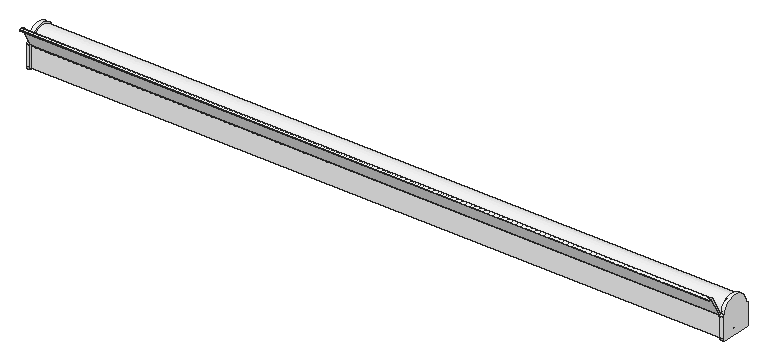
Revit family "0045180+0045236 Feilo Sylvania Lighting Fixture SYLBATTEN LED4 WW TP3 with ASYMMETRIC REFLECTOR ACCESSORY 1500MM", category Lighting Fixtures, host Face, Revit 2017
Family settings
  Host = Face
  Round Connector Dimension = Use Diameter
  Part Type = Normal
  OmniClass Number = 23.80.70.00
  OmniClass Title = Lighting
  Cut with Voids When Loaded = No
  Light Source = Yes
  Shared = No
  Room Calculation Point = No
Parameters (values of type "0045180 SYLBATTEN LED4 WW TP3")
  Width_FEILO = 66 mm
  Weight = "3.19 kg"
  Wattage Comments = "n/a"
  Wattage = 39 W
  WarrantyStartDate [instance] = "n/a"
  WarrantyGuarantorParts = "n/a"
  WarrantyDurationUnit = "n/a"
  WarrantyDurationParts = "n/a"
  WarrantyDescription = "n/a"
  built-in parameter 1150110 = 1 (stored number, unit not read)
  Voltage = 230 V
  URL = "http://www.sylvania-lighting.com"
  TypeName = "SYLBATTEN LED4 WW TP3"
  Type Image = <None>
  Type Comments = "n/a"
  built-in parameter 1114217 = 1 (stored number, unit not read)
  Tilt Angle = -90.00°
  built-in parameter 1150109 = 1 (stored number, unit not read)
  built-in parameter 1150134 = (empty or 0)
  SymReflector_FEILO = no
  built-in parameter 1150113 = 1 (stored number, unit not read)
  SerialNumber [instance] = "n/a"
  PowerFactor = 0
  PowerConsumption = "39 W"
  Photometric Web File = "0045180+0045236.ies"
  NominalLength = 1505 mm
  NominalHeight = 91 mm
  NominalDepth = 122 mm
  Name = "SYLBATTEN LED4 WW TP3"
  ModelReference = Name  # "SYLBATTEN LED4 WW TP3"
  ModelNumber = "0045180"
  Model = Name  # "SYLBATTEN LED4 WW TP3"
  Material_4_FEILO = Reflector-Sylvania-Sylbatten-White
  Material_3_FEILO = Diffuser-Sylvania-Sylbatten-Glow
  Material_2_FEILO = Body-Sylvania-Sylbatten-White
  Material_1_FEILO = Body-Sylvania-Sylbatten-White
  Material = "sheet steel housing, polycarbonate diffuser"
  ManufacturerName = "Feilo Sylvania"
  Manufacturer = "Feilo Sylvania"
  LuminousEfficacy = "93.46 lm/W"
  built-in parameter 1150105 = 290.06 (stored number, unit not read)
  Lumens = 3644.94 lm
  LuminaireType = ""
  built-in parameter 1150115 = 1 (stored number, unit not read)
  LightOutputRatio = "100"
  built-in parameter 1150137 = (empty or 0)
  built-in parameter 1150139 = (empty or 0)
  Length_FEILO = 1505 mm
  LampsType = Lamp  # "LED"
  LampNominalLuminous = "3645 lm"
  LampMacAdamStep = "n/a"
  LampColourTemperature = "3000 K"
  LampColourRenderingIndex = "80"
  built-in parameter 1150112 = 1 (stored number, unit not read)
  built-in parameter 1150114 = 1 (stored number, unit not read)
  Lamp = "LED"
  Keynote = "16500"
  InstallationDate [instance] = "n/a"
  InputVoltage = "220-240V~"
  InputNominalFrequency = "n/a"
  built-in parameter 1150132 = (empty or 0)
  built-in parameter 1150102 = (empty or 0)
  built-in parameter 1150107 = 3000 (stored number, unit not read)
  built-in parameter 1150138 = (empty or 0)
  IngressProtection = "IP20"
  ImpactProtectionIndex = "IK07"
  built-in parameter 1150106 = 2.9006 (stored number, unit not read)
  IfcExportType = "IfcLightFixtureType"
  IfcExportAs = "IfcLightFixtureType"
  Height_FEILO = 76 mm
  ExpectedLife = 50000
  Emit from Rectangle Width = Length_FEILO - 16 mm  # 1489 mm
  Emit from Rectangle Length = Width_FEILO - 40 mm  # 26 mm
  Emit Shape Visible in Rendering = no
  ElectricShockClassification = "Class I"
  built-in parameter 1150104 = 8.6827 (stored number, unit not read)
  DurationUnit = "hours"
  DocumentationLiterature = "http://www.sylvania-lighting.com/product/en-int/products/0045180"
  DimmingControlOptions = "n/a"
  Dimming Lamp Color Temperature Shift = <None>
  Description = "LED batten, T8 replacement, ease of installation through 2 part push-in design of the housing (safety cable included), through wiring capability (TP3 = 3 core), sheet steel, 3645M, 39W, 93m/W, 3000K, drive current: 350mA, CRI 80, 138° wide beam angle, electronic driver (non dimmable), IP20, IK07, 50,000 hrs (L70), (LxWxH) 1505x66x76mm, 5 step MacAdam ellipse, 3.7kg, white RAL 9016, Class 1, 220-240V, energy class: A++, A+, A."
  Default Elevation = 1219.2 mm
  CreatedOn = "1/25/2018"
  CreatedBy = ""
  Cost = 0
  Color Filter = 16777215
  built-in parameter 1114216 [instance] = (empty or 0)
  ClassificationValue = "EF_70_80"
  ClassificationName = "Uniclass2015"
  CapOffset_FEILO = 2 mm
  BarCode [instance] = "n/a"
  built-in parameter 1114218 = 1 (stored number, unit not read)
  BackReflector_FEILO = and(not(AsymReflector_FEILO), SymReflector_FEILO)  # no
  built-in parameter 1150133 = 10 (stored number, unit not read)
  FrontReflector_FEILO = or(AsymReflector_FEILO, SymReflector_FEILO)  # yes
  AsymReflector_FEILO = yes
  AssetType = "Fixed"
  AssetIdentifier [instance] = "n/a"
  Assembly Code = "D5020200"
  Apparent Load = 39 VA
Reference planes
  plane 1 "Center (Front/Back)": y = 0
  plane 2: z = 0
  plane 3 "Center (Left/Right)": x = 0
  plane 4: x = 752.5
  plane 5: x = -752.5
  plane 6: y = 33
  plane 7: y = -33
  plane 8: z = 76
  plane 9: z = 47
  plane 10: y = -29
  plane 11: y = 29
  plane 12: z = 20
  plane 13: z = 74
  plane 14: y = -31
  plane 15: y = -27
  plane 16: y = 27
  plane 17: y = 31
  plane 18: z = 2
  plane 19: x = -744.5
  plane 20: x = 744.5
  plane 21: z = 49
  plane 22: y = 1
  plane 23: y = -1
  plane 24: z = 21
  plane 25: z = 19
  plane 26: y = -61
  plane 27: y = 61
  plane 28: y = -56
  plane 29: y = 56
  plane 30: z = 91
  plane 31: z = 88
Forms (mm)
  Extrusion 1, solid, material "Body-Sylvania-Sylbatten-White" <- "Material_2_FEILO"
    sketch origin (0, 0, 0) x (0, 1, 0) y (0, 0, 1)
      loop
        line (-31, 2) -> (31, 2) -> (31, 45)
        arc (31, 45) -> (30.414, 46.414) -> (29, 47) r 2
        line (29, 47) -> (27, 47)
        arc (27, 47) -> (0, 74) -> (-27, 47) r 27
        line (-27, 47) -> (-29, 47)
        arc (-29, 47) -> (-30.414, 46.414) -> (-31, 45) r 2
        line (-31, 45) -> (-31, 2)
    from -744.5 to 744.5
  Extrusion 2, solid, material "Body-Sylvania-Sylbatten-White" <- "Material_2_FEILO"
    sketch origin (752.5, 1524, 1219.2) x (0, 1, 0) y (0, 0, 1)
      loop
        arc (-1494, -1219.2) -> (-1491.879, -1218.321) -> (-1491, -1216.2) r 3
        line (-1491, -1216.2) -> (-1491, -1173.2)
        arc (-1491, -1173.2) -> (-1491.879, -1171.079) -> (-1494, -1170.2) r 3
        line (-1494, -1170.2) -> (-1495.069, -1170.2)
        arc (-1495.069, -1170.2) -> (-1524, -1143.2) -> (-1552.931, -1170.2) r 29
        line (-1552.931, -1170.2) -> (-1554, -1170.2)
        arc (-1554, -1170.2) -> (-1556.121, -1171.079) -> (-1557, -1173.2) r 3
        line (-1557, -1173.2) -> (-1557, -1216.2)
        arc (-1557, -1216.2) -> (-1556.121, -1218.321) -> (-1554, -1219.2) r 3
        line (-1554, -1219.2) -> (-1494, -1219.2)
      loop
        arc (-1525, -1189.25) -> (-1531.071, -1192.129) -> (-1533.95, -1198.2) r 10
        line (-1533.95, -1198.2) -> (-1532.944, -1198.2)
        arc (-1532.944, -1198.2) -> (-1530.364, -1192.836) -> (-1525, -1190.256) r 9
        line (-1525, -1190.256) -> (-1525, -1189.25)
      loop
        arc (-1523, -1190.256) -> (-1517.636, -1192.836) -> (-1515.056, -1198.2) r 9
        line (-1515.056, -1198.2) -> (-1514.05, -1198.2)
        arc (-1514.05, -1198.2) -> (-1516.929, -1192.129) -> (-1523, -1189.25) r 10
        line (-1523, -1189.25) -> (-1523, -1190.256)
      loop
        line (-1532.944, -1200.2) -> (-1533.95, -1200.2)
        arc (-1533.95, -1200.2) -> (-1531.071, -1206.271) -> (-1525, -1209.15) r 10
        line (-1525, -1209.15) -> (-1525, -1208.144)
        arc (-1525, -1208.144) -> (-1530.364, -1205.564) -> (-1532.944, -1200.2) r 9
      loop
        arc (-1515.056, -1200.2) -> (-1517.636, -1205.564) -> (-1523, -1208.144) r 9
        line (-1523, -1208.144) -> (-1523, -1209.15)
        arc (-1523, -1209.15) -> (-1516.929, -1206.271) -> (-1514.05, -1200.2) r 10
        line (-1514.05, -1200.2) -> (-1515.056, -1200.2)
    from 0 to -8
  Extrusion 3, solid, material "Body-Sylvania-Sylbatten-White" <- "Material_2_FEILO"
    sketch origin (-752.5, 1524, 1219.2) x (0, 1, 0) y (0, 0, 1)
      loop
        arc (-1495.069, -1170.2) -> (-1524, -1143.2) -> (-1552.931, -1170.2) r 29
        line (-1552.931, -1170.2) -> (-1554, -1170.2)
        arc (-1554, -1170.2) -> (-1556.121, -1171.079) -> (-1557, -1173.2) r 3
        line (-1557, -1173.2) -> (-1557, -1216.2)
        arc (-1557, -1216.2) -> (-1556.121, -1218.321) -> (-1554, -1219.2) r 3
        line (-1554, -1219.2) -> (-1494, -1219.2)
        arc (-1494, -1219.2) -> (-1491.879, -1218.321) -> (-1491, -1216.2) r 3
        line (-1491, -1216.2) -> (-1491, -1173.2)
        arc (-1491, -1173.2) -> (-1491.879, -1171.079) -> (-1494, -1170.2) r 3
        line (-1494, -1170.2) -> (-1495.069, -1170.2)
      loop
        line (-1533.95, -1198.2) -> (-1532.944, -1198.2)
        arc (-1532.944, -1198.2) -> (-1530.364, -1192.836) -> (-1525, -1190.256) r 9
        line (-1525, -1190.256) -> (-1525, -1189.25)
        arc (-1525, -1189.25) -> (-1531.071, -1192.129) -> (-1533.95, -1198.2) r 10
      loop
        line (-1523, -1189.25) -> (-1523, -1190.256)
        arc (-1523, -1190.256) -> (-1517.636, -1192.836) -> (-1515.056, -1198.2) r 9
        line (-1515.056, -1198.2) -> (-1514.05, -1198.2)
        arc (-1514.05, -1198.2) -> (-1516.929, -1192.129) -> (-1523, -1189.25) r 10
      loop
        line (-1514.05, -1200.2) -> (-1515.056, -1200.2)
        arc (-1515.056, -1200.2) -> (-1517.636, -1205.564) -> (-1523, -1208.144) r 9
        line (-1523, -1208.144) -> (-1523, -1209.15)
        arc (-1523, -1209.15) -> (-1516.929, -1206.271) -> (-1514.05, -1200.2) r 10
      loop
        line (-1525, -1209.15) -> (-1525, -1208.144)
        arc (-1525, -1208.144) -> (-1530.364, -1205.564) -> (-1532.944, -1200.2) r 9
        line (-1532.944, -1200.2) -> (-1533.95, -1200.2)
        arc (-1533.95, -1200.2) -> (-1531.071, -1206.271) -> (-1525, -1209.15) r 10
    from 0 to 8
  Extrusion 4, solid, material "Reflector-Sylvania-Sylbatten-White" <- "Material_4_FEILO", visible <- "FrontReflector_FEILO"
    sketch origin (0, 0, 0) x (0, 1, 0) y (0, 0, 1)
      loop
        line (-61.257, 88.429) -> (-60.743, 87.571) -> (-56.621, 90.044)
        arc (-56.621, 90.044) -> (-56.237, 90.099) -> (-55.929, 89.863) r 0.5
        line (-55.929, 89.863) -> (-31.435, 46.753) -> (-30.565, 47.247) -> (-55.312, 90.802)
        arc (-55.312, 90.802) -> (-55.928, 91.275) -> (-56.696, 91.165) r 1
        line (-56.696, 91.165) -> (-61.257, 88.429)
    from -744.5 to 744.5
  Extrusion 5, solid, material "Reflector-Sylvania-Sylbatten-White" <- "Material_4_FEILO", visible <- "BackReflector_FEILO"
    sketch origin (0, 0, 0) x (0, 1, 0) y (0, 0, 1)
      loop
        line (30.565, 47.247) -> (31.435, 46.753) -> (55.932, 89.868)
        arc (55.932, 89.868) -> (56.245, 90.112) -> (56.638, 90.062) r 0.518
        line (56.638, 90.062) -> (61.033, 87.565) -> (61.527, 88.435) -> (56.682, 91.188)
        arc (56.682, 91.188) -> (55.922, 91.282) -> (55.318, 90.812) r 1
        line (55.318, 90.812) -> (30.565, 47.247)
    from -744.5 to 744.5
Lines and regions (mm)
  reference lines
    curve 1: line (0, -61, 88) -> (0, -56, 91)
    curve 2: line (0, -56, 91) -> (0, -31, 47)
    curve 3: line (0, 31, 47) -> (0, 56, 91)
    curve 4: line (0, 56, 91) -> (0, 61.28, 88)
Dimensions and locks
  equal spacing: plane 5, plane 3 "Center (Left/Right)", plane 4
  equal spacing: plane 7, plane 1 "Center (Front/Back)", plane 6
  "Width_FEILO": plane 7 to plane 6
  "Length_FEILO": plane 5 to plane 4
  "Height_FEILO": plane 8 to plane 2
  locked: plane 9 to plane 8 at 29
  equal spacing: plane 10, plane 1 "Center (Front/Back)", plane 11
  locked: plane 7 to plane 10 at 4
  locked: plane 12 to plane 2 at 20
  "CapOffset_FEILO": plane 13 to plane 8
  "CapOffset_FEILO": plane 7 to plane 14
  "CapOffset_FEILO": plane 10 to plane 15
  "CapOffset_FEILO": plane 17 to plane 6
  "CapOffset_FEILO": plane 16 to plane 11
  "CapOffset_FEILO": plane 18 to plane 2
  locked: plane 14 to Extrusion 1 sketch curve at 2
  locked: Extrusion 1 sketch curve to plane 9 at 2  (x2)
  locked: plane 16 to Extrusion 1 sketch curve at 2
  equal spacing: plane 19, plane 3 "Center (Left/Right)", plane 20
  locked: plane 5 to plane 19 at 8
  "CapOffset_FEILO": plane 9 to plane 21
  locked: Extrusion 2 sketch curve to plane 2 at 47
  locked: Extrusion 1 sketch curve to plane 2 at 47
  locked: Extrusion 2 sketch curve to plane 2 at 3  (x2)
  locked: plane 7 to Extrusion 2 sketch curve at 3  (x2)
  locked: Extrusion 2 sketch curve to plane 6 at 3  (x2)
  locked: Extrusion 2 sketch curve to plane 21 at 3  (x2)
  equal spacing: plane 23, plane 1 "Center (Front/Back)", plane 22
  equal spacing: plane 25, plane 12, plane 24
  plane 30 to plane 31 to plane 2 = 3 mm locked, 88 mm locked
  plane 28 to plane 29 = 112 mm
  plane 26 to plane 27 = 122 mm
  aligned and locked: plane 2 to host face
  aligned and locked: level to host face
  aligned and locked: plane 18 to Extrusion 1 sketch curve
  aligned and locked: plane 14 to Extrusion 1 sketch curve
  aligned and locked: Extrusion 1 sketch curve to plane 9  (x2)
  aligned and locked: Extrusion 1 sketch curve to plane 17
  aligned and locked: plane 15 to Extrusion 1 sketch curve
  aligned and locked: plane 16 to Extrusion 1 sketch curve
  aligned and locked: plane 9 to Extrusion 1 sketch curve
  aligned and locked: plane 20 to Extrusion 1
  aligned and locked: level to Extrusion 2 sketch curve
  aligned and locked: Extrusion 2 sketch curve to plane 7
  aligned and locked: plane 21 to Extrusion 2 sketch curve
  aligned and locked: Extrusion 2 sketch curve to plane 21
  aligned and locked: plane 1 "Center (Front/Back)" to Extrusion 2 sketch curve  (x3)
  aligned and locked: Extrusion 2 to Extrusion 1
  aligned and locked: plane 4 to Extrusion 2
  aligned and locked: plane 12 to Extrusion 2 sketch curve  (x2)
  aligned and locked: Extrusion 2 sketch curve to plane 22
  aligned and locked: Extrusion 2 sketch curve to plane 23
  aligned and locked: Extrusion 2 sketch curve to plane 24
  aligned and locked: Extrusion 2 sketch curve to plane 25
  aligned and locked: plane 25 to Extrusion 2 sketch curve
  aligned and locked: plane 22 to Extrusion 2 sketch curve
  aligned and locked: plane 24 to Extrusion 2 sketch curve
  aligned and locked: plane 23 to Extrusion 2 sketch curve  (x2)
  aligned and locked: Extrusion 3 sketch curve to Extrusion 2  (x22)
  aligned and locked: Extrusion 3 to Extrusion 1
  aligned and locked: Extrusion 3 to plane 5
  aligned and locked: plane 19 to Extrusion 3
  aligned and locked: plane 31 to curve 1
  aligned and locked: plane 30 to curve 1
  aligned and locked: plane 14 to curve 2
  aligned and locked: plane 9 to curve 2
  aligned and locked: plane 17 to curve 3
  aligned and locked: plane 30 to curve 3
  aligned and locked: plane 31 to curve 4
  aligned and locked: Extrusion 4 sketch curve to curve 2
  aligned and locked: Extrusion 4 sketch curve to curve 1
  aligned and locked: Extrusion 4 to Extrusion 1
  aligned and locked: Extrusion 1 to Extrusion 4
  aligned and locked: imposter light to plane 1 "Center (Front/Back)"
  aligned and locked: imposter light to plane 3 "Center (Left/Right)"
  aligned and locked: imposter light to plane 13
  aligned and locked: Extrusion 5 sketch curve to curve 4
  aligned and locked: Extrusion 5 sketch curve to curve 3
  aligned and locked: Extrusion 1 to Extrusion 5
  aligned and locked: Extrusion 5 to Extrusion 1
Automatic sketch dimensions
  host sketch curve to host sketch curve = 2438.4 mm  (x2)
  Extrusion 2 sketch curve to Extrusion 2 sketch curve = 0 mm  (x14)
  Extrusion 2 sketch curve to plane 10 = 0.069 mm
  plane 23 to Extrusion 2 sketch curve = 8.95 mm
  Extrusion 2 sketch curve to Extrusion 2 sketch curve = 1.006 mm  (x4)
  Extrusion 2 sketch curve to plane 22 = 7.944 mm
  curve 1 to plane 26 = 0 mm
  curve 2 to plane 28 = 0 mm
  curve 4 to plane 29 = 0 mm
  plane 9 to curve 3 = 0 mm
  plane 26 to Extrusion 4 sketch curve = 0.257 mm
  Extrusion 4 sketch curve to plane 26 = 0.257 mm
  Extrusion 4 sketch curve to plane 30 = 0.165 mm
  plane 28 to Extrusion 4 sketch curve = 0.696 mm
  plane 28 to Extrusion 4 sketch curve = 0.621 mm
  plane 28 to Extrusion 4 sketch curve = 0.364 mm
  plane 28 to Extrusion 4 sketch curve = 0.182 mm
  Extrusion 4 sketch curve to plane 28 = 0.071 mm
  plane 30 to Extrusion 4 sketch curve = 0.198 mm
  Extrusion 4 sketch curve to plane 28 = 0.688 mm
  plane 9 to Extrusion 4 sketch curve = 0.247 mm
  plane 1 "Center (Front/Back)" to Extrusion 4 sketch curve = 31.435 mm
  Extrusion 5 sketch curve to plane 9 = 0.247 mm
  Extrusion 5 sketch curve to plane 1 "Center (Front/Back)" = 30.565 mm
  plane 9 to Extrusion 5 sketch curve = 0.247 mm
  plane 30 to Extrusion 5 sketch curve = 0.188 mm
  plane 29 to Extrusion 5 sketch curve = 0.068 mm
  Extrusion 5 sketch curve to plane 29 = 0.188 mm
  Extrusion 5 sketch curve to plane 29 = 0.382 mm
  Extrusion 5 sketch curve to Extrusion 5 sketch curve = 0.256 mm
  Extrusion 5 sketch curve to plane 30 = 0.188 mm
  Extrusion 5 sketch curve to plane 29 = 0.682 mm
  Extrusion 5 sketch curve to plane 27 = 0.033 mm
  Extrusion 5 sketch curve to plane 27 = 0.527 mm
Connectors
  electrical at (0, 0, 0), driven by "Apparent Load", driven by "PowerFactor", driven by "Voltage"
    settings: index 1, voltage 230 V, apparent load 39 VA, apparent load phase1 0 VA, apparent load phase2 0 VA, apparent load phase3 0 VA, power factor 0, load classification "Lighting", number of poles 1, system type 30, power factor state 1, is connector primary yes, connector utility no, sub classification motor no, connector description ""
